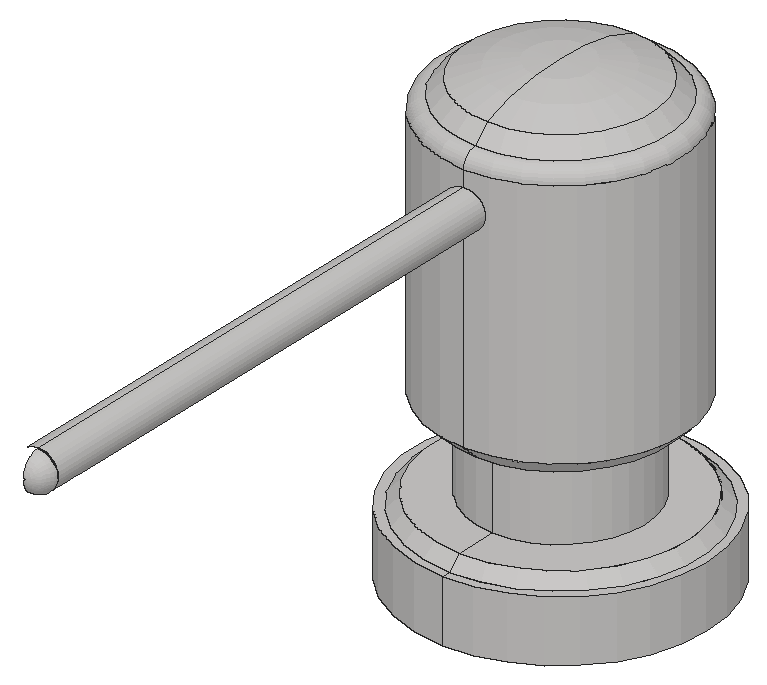
Revit family "xSoap_Dispenser-DXV-Contemporary-D35401720_Series", category Specialty Equipment, Revit 2014
Parameters (values of type "D35401720.355")
  Material = "Metal-DXV-355-Ultra Steel"
  Body = Metal-DXV-355-Ultra Steel
  Width = 1 3/4"
  Warranty Information = "Lifetime Limited Warranty"
  URL = "http://www.dxv.com/"
  Product Page URL = "http://www.dxv.com/Product/contemporary-soap-dispenser"
  Product Documentation Link = "http://dxv.blob.core.windows.net/dxv-product-pdf-files/DXV_D35401720_Contemporary_soap_disp_spec_en.pdf"
  Price = "Prices may vary. Please consult Manufacturer Representative for most up-to-date price list."  # constant formula
  Model = "D35401720.355"
  Manufacturer = "DXV"
  Length = 4 7/8"
  Installation Type = "Deck Mounted"
  Height = 2 3/4"
  Description = "Contemporary Soap Dispenser"
  Creation Date = "07/02/2014"  # constant formula
  Assembly Code = "C1030220"
Types (3): name | Material | Body | Model
  (no name) | "Metal-DXV-355-Ultra Steel" | Metal-DXV-355-Ultra Steel | "D35401720.355"
  D35401720.100 | "Metal-DXV-100-Polished Chrome" | Metal-DXV-100-Polished Chrome | "D35401720.100"
  D35401720.355 | "Metal-DXV-355-Ultra Steel" | Metal-DXV-355-Ultra Steel | "D35401720.355"
Reference planes (in)
  plane 1 "Center (Front/Back)": y = 0
  plane 2: z = 0
  plane 3 "Center (Left/Right)": x = 0
  plane 4: x = 0.875
  plane 5: x = -0.875
  plane 6: y = -0.875
  plane 7: y = 0.875
  plane 8: z = 2.75
  plane 9: y = -4
Forms (in)
  Revolve 1, solid, material "Metal-DXV-355-Ultra Steel" <- "Body"
    sketch origin (0, 0, 0) x (0, 1, 0) y (0, 0, 1)
      loop
        line (0, 0) -> (0.875, 0) -> (0.875, 0.36786) -> (0.82122, 0.36786) -> (0.75146, 0.43762) -> (0.50185, 0.43762) -> (0.50185, 0.90098) -> (0.6319, 0.90098) -> (0.71956, 0.98864) -> (0.71956, 2.47502)
        arc (0.71956, 2.47502) -> (0.69408, 2.53653) -> (0.63257, 2.56201) r 0.087
        line (0.63257, 2.56201) -> (0.54421, 2.65037)
        arc (0.54421, 2.65037) -> (0.27738, 2.72903) -> (0, 2.75) r 1.31951
        line (0, 2.75) -> (0, 0)
      axis (0, 0) -> (0, 2.75)
    angle from 0 to 360
  Revolve 2, solid, material "Metal-DXV-355-Ultra Steel" <- "Body"
    sketch origin (0, 0, 0) x (0, 1, 0) y (0, 0, 1)
      loop
        line (-0.71378, 2.26257) -> (-4.00055, 2.26257)
        arc (-4.00055, 2.26257) -> (-3.96646, 2.18027) -> (-3.88416, 2.14618) r 0.11639
        line (-3.88416, 2.14618) -> (0, 2.14618) -> (0, 2.26257) -> (-0.71378, 2.26257)
      axis (-4.00055, 2.26258) -> (0, 2.26258)
    angle from 0 to 360
  Extrusion 3, void
    sketch origin (0, 0, 0) x (0, 1, 0) y (0, 0, 1)
      loop
        line (-3.88416, 2.14618) -> (-3.6189, 2.14618)
        arc (-3.6189, 2.14618) -> (-3.71952, 2.18661) -> (-3.82519, 2.16222) r 0.18087
        arc (-3.82519, 2.16222) -> (-3.8536, 2.15026) -> (-3.88416, 2.14618) r 0.11639
    from -0.20434 to 0.10097
Cuts and joins
  Extrusion 3 cuts Revolve 2
Lines and regions (in)
  Masking region 1
    outline origin (0, 0, 0) x (1, 0, 0) y (0, 1, 0)
      loop
        arc (0.11686, -0.86716) -> (0.87304, 0.05856) -> (0, 0.875) r 0.875
        arc (0, 0.875) -> (-0.87304, 0.05856) -> (-0.11686, -0.86716) r 0.875
        line (-0.11686, -0.86716) -> (-0.11686, -3.88473)
        arc (-0.11686, -3.88473) -> (0, -4.00158) -> (0.11686, -3.88473) r 0.11686
        line (0.11686, -3.88473) -> (0.11686, -0.86716)
  symbolic lines, detail levels medium+fine
    curve 1: line (0.11686, -0.74232, 0) -> (0.11686, -0.86716, 0)
    curve 2: line (-0.11686, -0.74232, 0) -> (-0.11686, -0.86716, 0)
    curve 3: arc (0, 0.75146, 0) -> (0.75146, 0, 0) -> (0, -0.75146, 0) r 0.75146
    curve 4: arc (0, -0.75146, 0) -> (-0.75146, 0, 0) -> (0, 0.75146, 0) r 0.75146
  symbolic lines, detail levels fine
    curve 5: arc (0, -0.63257, 0) -> (0.63257, 0, 0) -> (0, 0.63257, 0) r 0.63257
    curve 6: arc (0, 0.63257, 0) -> (-0.63257, 0, 0) -> (0, -0.63257, 0) r 0.63257
    curve 7: arc (0, -0.55837, 0) -> (-0.55837, 0, 0) -> (0, 0.55837, 0) r 0.55837
    curve 8: arc (0, -0.55837, 0) -> (0.55837, 0, 0) -> (0, 0.55837, 0) r 0.55837
Dimensions and locks (in)
  "Height": plane 2 to plane 8
  "Width": plane 7 to plane 6
  "Length": plane 7 to plane 9
Automatic sketch dimensions
  Revolve 1 sketch curve to level = 0"
  Revolve 1 sketch curve to plane 1 "Center (Front/Back)" = 0"  (x2)
  Revolve 1 sketch curve to plane 7 = 0"
  plane 8 to Revolve 1 sketch curve = 0"  (x2)
  Revolve 1 sketch curve to plane 1 "Center (Front/Back)" = 0.03977"
  Revolve 1 sketch curve to plane 7 = 0.37315"
  plane 8 to Revolve 1 sketch curve = 0.09963"
  Revolve 1 sketch curve to plane 1 "Center (Front/Back)" = 0.54421"
  Revolve 1 sketch curve to Revolve 1 sketch curve = 0.13005"
  Revolve 1 sketch curve to Revolve 1 sketch curve = 0.08836"
  Revolve 1 sketch curve to Revolve 1 sketch curve = 0.08766"  (x2)
  Revolve 1 sketch curve to plane 7 = 0.12354"
  Revolve 1 sketch curve to Revolve 1 sketch curve = 0.05378"
  Revolve 1 sketch curve to Revolve 1 sketch curve = 0.36786"
  Revolve 1 sketch curve to Revolve 1 sketch curve = 0.06976"
  Revolve 1 sketch curve to Revolve 1 sketch curve = 0.46336"
  Revolve 1 sketch curve to Revolve 1 sketch curve = 0.17535"
  Revolve 1 sketch curve to plane 8 = 1/4"
  curve 4 to curve 8 = 0"
  curve 4 to curve 6 = 0.11889"
  curve 5 to curve 8 = 19/256"
  Masking region 1 sketch curve to Masking region 1 sketch curve = 0"
  Masking region 1 sketch curve to plane 3 "Center (Left/Right)" = 0"
  plane 1 "Center (Front/Back)" to Masking region 1 sketch curve = 0"
  Masking region 1 sketch curve to plane 7 = 0"
  Masking region 1 sketch curve to plane 6 = 0.00784"  (x2)
  Masking region 1 sketch curve to plane 9 = 0.11527"
  curve 4 to plane 6 = 0.12354"
  curve 3 to curve 5 = 0"
  curve 6 to curve 7 = 0"
  curve 6 to curve 8 = 0"
  plane 1 "Center (Front/Back)" to curve 8 = 0"
  curve 8 to plane 3 "Center (Left/Right)" = 0"
  plane 9 to Revolve 2 sketch curve = 0.05423"
  plane 9 to Revolve 2 sketch curve = 0.00055"
  Revolve 2 sketch curve to Revolve 2 sketch curve = 0.00015"
  Revolve 2 sketch curve to plane 9 = 0.11584"
  Revolve 2 sketch curve to plane 6 = 0.16122"
  Revolve 2 sketch curve to Revolve 2 sketch curve = 0.71378"
  plane 8 to Revolve 2 sketch curve = 0.60382"
  Revolve 2 sketch curve to Revolve 2 sketch curve = 0"
  curve 2 to plane 6 = 0.00784"
  curve 2 to plane 3 "Center (Left/Right)" = 0.11686"
  plane 3 "Center (Left/Right)" to curve 1 = 0.11686"
  curve 1 to plane 6 = 0.00784"
  plane 8 to Extrusion 3 sketch curve = 0.74372"
  Extrusion 3 sketch curve to Extrusion 3 sketch curve = 0.05897"
  Extrusion 3 sketch curve to Extrusion 3 sketch curve = 0"  (x2)
  Extrusion 3 sketch curve to Extrusion 3 sketch curve = 0.11465"
  Extrusion 3 sketch curve to Extrusion 3 sketch curve = 0.09164"
  Extrusion 3 sketch curve to plane 9 = 0.11584"
  Extrusion 3 sketch curve to Extrusion 3 sketch curve = 0.1399"
